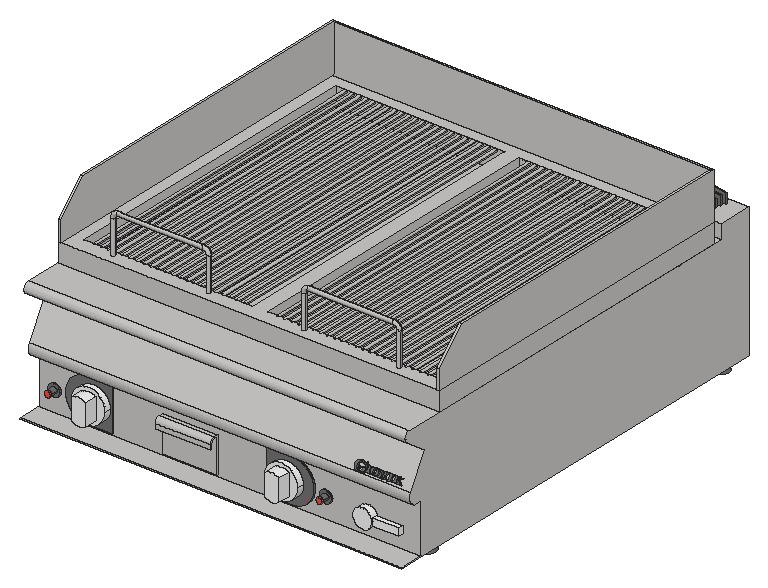
Revit family "QF_GIORIK_GL94TV", category Specialty Equipment, Revit 2014
Parameters (values of type "GL94TV")
  Weight in Pounds = 165.3465
  Waste Water Discharge Temperature [instance] = 0 °C
  URL Cutsheet = "www.giorik.com"
  URL = "www.giorik.com"
  Status [instance] = ""
  Specification by User [instance] = ""
  Specification by Manufacturer = ""
  Show Logo [instance] = yes
  Show Clearance [instance] = yes
  Serial Number = ""
  Seismic Rating = ""
  SMACNA No = ""
  Revision Code [instance] = ""
  Plumbing Remarks [instance] = ""
  Plumbing Connection Type [instance] = ""
  NAFEM Spec ID Number = ""
  Model = "GL94TV"
  Masterspec = ""
  Manufacturer = "GIORIK"
  Item Number [instance] = ""
  Installed By [instance] = ""
  Indirect Waste Size = 2 1/2"
  Indirect Waste Flow = 0.0 L/s
  Indirect Waste Connection Type [instance] = ""
  Indirect Waste Connection Height [instance] = 20 mm
  Identify Quantity as Lot [instance] = no
  Gas Size = 1"
  Gas RI Height [instance] = 0 mm
  Gas KW = 22
  Gas Input = 22000 W
  Gas Connection Height [instance] = 20 mm
  Furnished By [instance] = ""
  Foodservice Equipment Identifier [instance] = yes
  Description = "GAS STEAMGRILL"
  Cold Water Temperature Recommended = 0 °C
  Cold Water Size = 1"
  Cold Water RI Height [instance] = 20 mm
  Cold Water Minimum Pressure = 20000.0 Pa
  Cold Water Maximum Pressure = 50000.0 Pa
  Cold Water Flow [instance] = 0.0 L/s
  Cold Water Consumption [instance] = ""
  Cold Water Connection Height [instance] = 20 mm
  CSI MasterFormat = ""
  Assembly Code = "E1090320"
Reference planes
  plane 1 "Back": y = 0
  plane 2: z = 0
  plane 3 "Left": x = 0
  plane 4 "Right": x = 800
  plane 5 "Front": y = -920
  plane 6 "Top": z = 300
Forms (mm)
  Extrusion 1, solid, visible <- "Show Logo"
    sketch origin (586.604, -908.674, 117.684) x (-1, 0, 0) y (0, 0.515038, 0.857167)
      loop
        line (-118.824, 58.358) -> (-127.804, 58.358) -> (-125.523, 56.445) -> (-125.523, 48.027) -> (-127.804, 46.113) -> (-118.824, 46.113) -> (-121.105, 48.027) -> (-121.105, 56.445) -> (-118.824, 58.358)
      loop
        line (-163.721, 58.358) -> (-172.7, 58.358) -> (-170.42, 56.445) -> (-170.42, 48.027) -> (-172.7, 46.113) -> (-163.721, 46.113) -> (-166.001, 48.027) -> (-166.001, 56.445) -> (-163.721, 58.358)
      loop
        line (-174.332, 58.358) -> (-183.312, 58.358) -> (-181.031, 56.445) -> (-181.031, 52.435) -> (-186.419, 56.955) -> (-184.416, 58.358) -> (-191.268, 58.358) -> (-188.01, 56.839) -> (-185.455, 54.283) -> (-190.846, 47.858) -> (-193.396, 46.93) -> (-193.396, 46.113) -> (-184.416, 46.113) -> (-185.437, 47.571) -> (-182.443, 51.552) -> (-181.031, 50.894) -> (-181.031, 48.027) -> (-183.312, 46.113) -> (-174.332, 46.113) -> (-176.613, 48.027) -> (-176.613, 56.445) -> (-174.332, 58.358)
      loop
        line (-115.429, 62.063) -> (-115.429, 54.198)
        arc (-115.429, 54.198) -> (-111.618, 57.803) -> (-106.847, 59.986) r 16.039
        arc (-106.847, 59.986) -> (-103.314, 59.837) -> (-100.512, 57.68) r 5.851
        arc (-100.512, 57.68) -> (-98.815, 52.267) -> (-100.512, 46.853) r 9.479
        arc (-100.512, 46.853) -> (-102.406, 44.986) -> (-104.846, 43.93) r 7.236
        arc (-104.846, 43.93) -> (-107.728, 44.111) -> (-110.052, 45.825) r 5.11
        line (-110.052, 45.825) -> (-110.052, 52.001) -> (-116.141, 52.001) -> (-116.141, 45.503) -> (-117.893, 43.751) -> (-114.094, 44.769)
        arc (-114.094, 44.769) -> (-112.56, 44.947) -> (-111.129, 44.366) r 3.115
        arc (-111.129, 44.366) -> (-104.216, 42.091) -> (-97.303, 44.366) r 11.641
        arc (-97.303, 44.366) -> (-93.396, 52.107) -> (-97.303, 59.849) r 9.622
        arc (-97.303, 59.849) -> (-104.369, 62.174) -> (-111.435, 59.849) r 11.898
        line (-111.435, 59.849) -> (-115.429, 62.063)
      loop
        arc (-129.234, 56.068) -> (-135.893, 58.628) -> (-142.552, 56.068) r 9.941
        arc (-142.552, 56.068) -> (-144.234, 52.286) -> (-142.552, 48.505) r 5.093
        arc (-142.552, 48.505) -> (-135.893, 45.945) -> (-129.234, 48.505) r 9.941
        arc (-129.234, 48.505) -> (-127.552, 52.286) -> (-129.234, 56.068) r 5.093
      loop
        arc (-132.628, 54.403) -> (-135.893, 57.668) -> (-139.158, 54.403) r 3.265
        line (-139.158, 54.403) -> (-139.158, 50.169)
        arc (-139.158, 50.169) -> (-135.893, 46.904) -> (-132.628, 50.169) r 3.265
        line (-132.628, 50.169) -> (-132.628, 54.403)
      loop
        arc (-156.363, 58.365) -> (-159.647, 55.081) -> (-156.363, 51.796) r 3.285
        line (-156.363, 51.796) -> (-159.529, 47.306) -> (-162.087, 46.113) -> (-155.847, 46.113) -> (-153.529, 51.083) -> (-150.637, 51.083) -> (-150.637, 47.784) -> (-153.022, 46.113) -> (-144.011, 46.113) -> (-146.094, 47.68) -> (-146.094, 56.493) -> (-144.229, 58.365) -> (-156.363, 58.365)
      loop
        line (-150.637, 57.512) -> (-153.637, 57.512)
        arc (-153.637, 57.512) -> (-156.237, 54.912) -> (-153.637, 52.312) r 2.6
        line (-153.637, 52.312) -> (-150.637, 52.312) -> (-150.637, 57.512)
      loop
        line (-108.924, 52.001) -> (-104.936, 49.005) -> (-100.948, 52.001) -> (-108.924, 52.001)
    from 1.5 to -0.5
  Extrusion 2, solid
    sketch origin (-4, 0, 5) x (1, 0, 0) y (0, 1, 0)
      loop
        circle (54, -385) r 12.5
    from 0 to 15
  Extrusion 3, solid
    sketch origin (0, 800, -620) x (0, 1, 0) y (0, 0, 1)
      loop
        line (-800, 919.988) -> (-870, 919.988) -> (-870, 889.988) -> (-1688.806, 889.988)
        arc (-1688.806, 889.988) -> (-1699.151, 883.075) -> (-1696.724, 870.873) r 11.197
        line (-1696.724, 870.873) -> (-1647.575, 836.458) -> (-1686.203, 772.171)
        arc (-1686.203, 772.171) -> (-1687.435, 755.768) -> (-1675, 745) r 18.302
        line (-1675, 745) -> (-1660, 745) -> (-1660, 640) -> (-800, 640) -> (-800, 919.988)
    from 0 to 800
  Extrusion 4, solid
    sketch origin (-308.221, -812, -651.25) x (1, 0, 0) y (0, 0, 1)
      loop
        line (463.221, 676.25) -> (463.221, 766.25) -> (409.698, 766.25)
        arc (409.698, 766.25) -> (364.698, 721.25) -> (409.698, 676.25) r 45
        line (409.698, 676.25) -> (463.221, 676.25)
    from 48 to 50
  Extrusion 5, solid
    sketch origin (466.331, -860.641, -651.634) x (-1, 0, 0) y (0, -0.000888, -1)
      loop
        circle (351.331, -721.346) r 35
    from 0 to 15
  Extrusion 6, solid
    sketch origin (466.331, -860.641, -651.634) x (-1, 0, 0) y (0, -0.000888, -1)
      loop
        arc (336.331, -743.846) -> (351.331, -748.846) -> (366.331, -743.846) r 25
        line (366.331, -743.846) -> (366.331, -698.846)
        arc (366.331, -698.846) -> (351.331, -693.846) -> (336.331, -698.846) r 25
        line (336.331, -698.846) -> (336.331, -743.846)
    from 15 to 40
  Extrusion 7, solid
    sketch origin (-94, 0, -610.001) x (1, 0, 0) y (0, 0, 1)
      loop
        line (135, 909.989) -> (453, 909.989) -> (453, 925.527) -> (347.056, 931.749) -> (240.944, 931.749) -> (135, 925.527) -> (135, 909.989)
    from 32 to 35
  Extrusion 8, solid
    sketch origin (-92, 10, -610.001) x (1, 0, 0) y (0, 0, 1)
      loop
        line (454, 909.989) -> (454, 928.527) -> (346.162, 939.193) -> (237.838, 939.193) -> (130, 928.527) -> (130, 909.989) -> (454, 909.989)
    from 32 to 35
  Extrusion 9, solid
    sketch origin (-90, 20, -610.001) x (1, 0, 0) y (0, 0, 1)
      loop
        line (455, 909.989) -> (455, 930.527) -> (345.396, 947.413) -> (234.604, 947.413) -> (125, 930.527) -> (125, 909.989) -> (455, 909.989)
    from 32 to 35
  Extrusion 10, solid
    sketch origin (0, -200, -600) x (0, 1, 0) y (0, 0, 1)
      loop
        line (110, 909.988) -> (110, 1009.988) -> (-551.877, 1009.988) -> (-610, 951.864) -> (-610, 909.988) -> (110, 909.988)
    from 0 to 5
  Extrusion 11, solid
    sketch origin (0, -90, -600) x (1, 0, 0) y (0, 0, 1)
      loop
        line (5, 1009.988) -> (5, 909.988) -> (795, 909.988) -> (795, 1009.988) -> (5, 1009.988)
    from 0 to 5
  Sweep 12, solid
    path origin (32.128, -787.463, 1256.207) x (0, 0, 1) y (-1, 0, 0)
      loop
        line (-946.207, -65.372) -> (-876.207, -65.372)
        arc (-876.207, -65.372) -> (-869.136, -68.301) -> (-866.207, -75.372) r 10
        line (-866.207, -75.372) -> (-866.207, -255.372)
        arc (-866.207, -255.372) -> (-869.136, -262.443) -> (-876.207, -265.372) r 10
        line (-876.207, -265.372) -> (-946.207, -265.372)
    profile origin (97.5, -787.463, 345) x (-1, 0, 0) y (0, -1, 0)
      loop
        circle (0, 0) r 4
  Extrusion 13, solid
    sketch origin (1041.331, -860, -661.247) x (-1, 0, 0) y (0, 0, -1)
      loop
        circle (351.331, -721.221) r 20
    from 0 to 15
  Extrusion 14, solid
    sketch origin (410, -864, -662.044) x (1, 0, 0) y (0, 0, 1)
      loop
        line (275.18, 729.518) -> (275.18, 714.518) -> (355.18, 714.518) -> (355.18, 729.518) -> (275.18, 729.518)
    from 0 to 10
  Extrusion 15, solid
    sketch origin (122.347, -900, -540.1) x (0, 1, 0) y (0, 0, 1)
      loop
        line (40, 640.1) -> (30, 640.1)
        arc (30, 640.1) -> (22.929, 637.171) -> (20, 630.1) r 10
        line (20, 630.1) -> (20, 620.1) -> (22, 620.1) -> (22, 630.1)
        arc (22, 630.1) -> (24.343, 635.757) -> (30, 638.1) r 8
        line (30, 638.1) -> (38, 638.1) -> (38, 565.1) -> (40, 565.1) -> (40, 640.1)
    from 137.5 to 252.5
  Extrusion 16, solid
    sketch origin (22, 0, -25) x (0, 1, 0) y (-1, 0, 0)
      loop
        circle (-185, -308) r 12.7
    from 30 to 45
  Extrusion 17, solid
    sketch origin (432, -293, -25) x (0, 1, 0) y (-1, 0, 0)
      loop
        circle (-185, -308) r 6.35
    from 30 to 45
  Extrusion 18, solid
    sketch origin (0, -200, 300) x (0, 1, 0) y (-1, 0, 0)
      loop
        line (110, 0) -> (-610, 0) -> (-610, -800) -> (110, -800) -> (110, 0)
      loop
        line (80, -30) -> (-580, -30) -> (-580, -385) -> (80, -385) -> (80, -30)
      loop
        line (80, -415) -> (-580, -415) -> (-580, -770) -> (80, -770) -> (80, -415)
    from -30.012 to 9.988
  Extrusion 19, solid
    sketch origin (0, -200, -600) x (1, 0, 0) y (0, 0, 1)
      loop
        circle (50, 906.988) r 3
    from -80 to 580
  Extrusion 20, solid
    sketch origin (15, -200, -600) x (1, 0, 0) y (0, 0, 1)
      loop
        circle (50, 906.988) r 3
    from -80 to 580
  Extrusion 21, solid
    sketch origin (30, -200, -600) x (1, 0, 0) y (0, 0, 1)
      loop
        circle (50, 906.988) r 3
    from -80 to 580
  Extrusion 22, solid
    sketch origin (45, -200, -600) x (1, 0, 0) y (0, 0, 1)
      loop
        circle (50, 906.988) r 3
    from -80 to 580
  Extrusion 23, solid
    sketch origin (60, -200, -600) x (1, 0, 0) y (0, 0, 1)
      loop
        circle (50, 906.988) r 3
    from -80 to 580
  Extrusion 24, solid
    sketch origin (75, -200, -600) x (1, 0, 0) y (0, 0, 1)
      loop
        circle (50, 906.988) r 3
    from -80 to 580
  Extrusion 25, solid
    sketch origin (90, -200, -600) x (1, 0, 0) y (0, 0, 1)
      loop
        circle (50, 906.988) r 3
    from -80 to 580
  Extrusion 26, solid
    sketch origin (105, -200, -600) x (1, 0, 0) y (0, 0, 1)
      loop
        circle (50, 906.988) r 3
    from -80 to 580
  Extrusion 27, solid
    sketch origin (120, -200, -600) x (1, 0, 0) y (0, 0, 1)
      loop
        circle (50, 906.988) r 3
    from -80 to 580
  Extrusion 28, solid
    sketch origin (135, -200, -600) x (1, 0, 0) y (0, 0, 1)
      loop
        circle (50, 906.988) r 3
    from -80 to 580
  Extrusion 29, solid
    sketch origin (150, -200, -600) x (1, 0, 0) y (0, 0, 1)
      loop
        circle (50, 906.988) r 3
    from -80 to 580
  Extrusion 30, solid
    sketch origin (165, -200, -600) x (1, 0, 0) y (0, 0, 1)
      loop
        circle (50, 906.988) r 3
    from -80 to 580
  Extrusion 31, solid
    sketch origin (180, -200, -600) x (1, 0, 0) y (0, 0, 1)
      loop
        circle (50, 906.988) r 3
    from -80 to 580
  Extrusion 32, solid
    sketch origin (195, -200, -600) x (1, 0, 0) y (0, 0, 1)
      loop
        circle (50, 906.988) r 3
    from -80 to 580
  Extrusion 33, solid
    sketch origin (210, -200, -600) x (1, 0, 0) y (0, 0, 1)
      loop
        circle (50, 906.988) r 3
    from -80 to 580
  Extrusion 34, solid
    sketch origin (225, -200, -600) x (1, 0, 0) y (0, 0, 1)
      loop
        circle (50, 906.988) r 3
    from -80 to 580
  Extrusion 35, solid
    sketch origin (240, -200, -600) x (1, 0, 0) y (0, 0, 1)
      loop
        circle (50, 906.988) r 3
    from -80 to 580
  Extrusion 36, solid
    sketch origin (255, -200, -600) x (1, 0, 0) y (0, 0, 1)
      loop
        circle (50, 906.988) r 3
    from -80 to 580
  Extrusion 37, solid
    sketch origin (270, -200, -600) x (1, 0, 0) y (0, 0, 1)
      loop
        circle (50, 906.988) r 3
    from -80 to 580
  Extrusion 38, solid
    sketch origin (285, -200, -600) x (1, 0, 0) y (0, 0, 1)
      loop
        circle (50, 906.988) r 3
    from -80 to 580
  Extrusion 39, solid
    sketch origin (300, -200, -600) x (1, 0, 0) y (0, 0, 1)
      loop
        circle (50, 906.988) r 3
    from -80 to 580
  Extrusion 40, solid
    sketch origin (0, -860, -600) x (1, 0, 0) y (0, 0, 1)
      loop
        line (0, 620) -> (800, 620) -> (800, 622) -> (0, 622) -> (0, 620)
    from 0 to 50
  Extrusion 41, solid
    sketch origin (-6.142, -835.246, -647.152) x (1, 0, 0) y (0, 0.000339, 1)
      loop
        circle (38.702, 711.666) r 12.5
    from 25 to 27
  Extrusion 42, solid
    sketch origin (-732.35, -862.248, -653.566) x (1, 0, 0) y (0, 0.000339, 1)
      loop
        circle (764.91, 718.089) r 6
    from 0 to 15
  Extrusion 43, solid
    sketch origin (-732.35, -863.41, -653.565) x (1, 0, 0) y (0, 0.000339, 1)
      loop
        circle (764.91, 718.089) r 6
    from 13.838 to 15.838
  Extrusion 44, solid
    sketch origin (795, -200, -600) x (0, 1, 0) y (0, 0, 1)
      loop
        line (110, 909.988) -> (110, 1009.988) -> (-551.877, 1009.988) -> (-610, 951.864) -> (-610, 909.988) -> (110, 909.988)
    from 0 to 5
  Extrusion 45, solid
    sketch origin (306, 0, -610.001) x (1, 0, 0) y (0, 0, 1)
      loop
        line (135, 909.989) -> (453, 909.989) -> (453, 925.527) -> (347.056, 931.749) -> (240.944, 931.749) -> (135, 925.527) -> (135, 909.989)
    from 32 to 35
  Extrusion 46, solid
    sketch origin (308, 10, -610.001) x (1, 0, 0) y (0, 0, 1)
      loop
        line (454, 909.989) -> (454, 928.527) -> (346.162, 939.193) -> (237.838, 939.193) -> (130, 928.527) -> (130, 909.989) -> (454, 909.989)
    from 32 to 35
  Extrusion 47, solid
    sketch origin (310, 20, -610.001) x (1, 0, 0) y (0, 0, 1)
      loop
        line (455, 909.989) -> (455, 930.527) -> (345.396, 947.413) -> (234.604, 947.413) -> (125, 930.527) -> (125, 909.989) -> (455, 909.989)
    from 32 to 35
  Sweep 48, solid
    path origin (432.128, -787.463, 1256.207) x (0, 0, 1) y (-1, 0, 0)
      loop
        line (-946.207, -65.372) -> (-876.207, -65.372)
        arc (-876.207, -65.372) -> (-869.136, -68.301) -> (-866.207, -75.372) r 10
        line (-866.207, -75.372) -> (-866.207, -255.372)
        arc (-866.207, -255.372) -> (-869.136, -262.443) -> (-876.207, -265.372) r 10
        line (-876.207, -265.372) -> (-946.207, -265.372)
    profile origin (497.5, -787.463, 345) x (-1, 0, 0) y (0, -1, 0)
      loop
        circle (0, 0) r 4
  Extrusion 49, solid
    sketch origin (943.221, -812, -651.25) x (-1, 0, 0) y (0, 0, -1)
      loop
        line (463.221, -676.25) -> (409.698, -676.25)
        arc (409.698, -676.25) -> (364.698, -721.25) -> (409.698, -766.25) r 45
        line (409.698, -766.25) -> (463.221, -766.25) -> (463.221, -676.25)
    from 48 to 50
  Extrusion 50, solid
    sketch origin (168.669, -860.641, -651.634) x (1, 0, 0) y (0, 0.000888, 1)
      loop
        circle (351.331, 721.346) r 35
    from 0 to 15
  Extrusion 51, solid
    sketch origin (168.669, -860.641, -651.634) x (1, 0, 0) y (0, 0.000888, 1)
      loop
        line (336.331, 743.846) -> (336.331, 698.846)
        arc (336.331, 698.846) -> (351.331, 693.846) -> (366.331, 698.846) r 25
        line (366.331, 698.846) -> (366.331, 743.846)
        arc (366.331, 743.846) -> (351.331, 748.846) -> (336.331, 743.846) r 25
    from 15 to 40
  Extrusion 52, solid
    sketch origin (641.142, -835.246, -647.152) x (-1, 0, 0) y (0, -0.000339, -1)
      loop
        circle (38.702, -711.666) r 12.5
    from 25 to 27
  Extrusion 53, solid
    sketch origin (1367.35, -862.248, -653.566) x (-1, 0, 0) y (0, -0.000339, -1)
      loop
        circle (764.91, -718.089) r 6
    from 0 to 15
  Extrusion 54, solid
    sketch origin (1367.35, -863.41, -653.565) x (-1, 0, 0) y (0, -0.000339, -1)
      loop
        circle (764.91, -718.089) r 6
    from 13.838 to 15.838
  Extrusion 55, solid
    sketch origin (315, -200, -600) x (1, 0, 0) y (0, 0, 1)
      loop
        circle (50, 906.988) r 3
    from -80 to 580
  Extrusion 56, solid
    sketch origin (385, -200, -600) x (1, 0, 0) y (0, 0, 1)
      loop
        circle (50, 906.988) r 3
    from -80 to 580
  Extrusion 57, solid
    sketch origin (400, -200, -600) x (1, 0, 0) y (0, 0, 1)
      loop
        circle (50, 906.988) r 3
    from -80 to 580
  Extrusion 58, solid
    sketch origin (415, -200, -600) x (1, 0, 0) y (0, 0, 1)
      loop
        circle (50, 906.988) r 3
    from -80 to 580
  Extrusion 59, solid
    sketch origin (430, -200, -600) x (1, 0, 0) y (0, 0, 1)
      loop
        circle (50, 906.988) r 3
    from -80 to 580
  Extrusion 60, solid
    sketch origin (445, -200, -600) x (1, 0, 0) y (0, 0, 1)
      loop
        circle (50, 906.988) r 3
    from -80 to 580
  Extrusion 61, solid
    sketch origin (460, -200, -600) x (1, 0, 0) y (0, 0, 1)
      loop
        circle (50, 906.988) r 3
    from -80 to 580
  Extrusion 62, solid
    sketch origin (475, -200, -600) x (1, 0, 0) y (0, 0, 1)
      loop
        circle (50, 906.988) r 3
    from -80 to 580
  Extrusion 63, solid
    sketch origin (490, -200, -600) x (1, 0, 0) y (0, 0, 1)
      loop
        circle (50, 906.988) r 3
    from -80 to 580
  Extrusion 64, solid
    sketch origin (505, -200, -600) x (1, 0, 0) y (0, 0, 1)
      loop
        circle (50, 906.988) r 3
    from -80 to 580
  Extrusion 65, solid
    sketch origin (520, -200, -600) x (1, 0, 0) y (0, 0, 1)
      loop
        circle (50, 906.988) r 3
    from -80 to 580
  Extrusion 66, solid
    sketch origin (535, -200, -600) x (1, 0, 0) y (0, 0, 1)
      loop
        circle (50, 906.988) r 3
    from -80 to 580
  Extrusion 67, solid
    sketch origin (550, -200, -600) x (1, 0, 0) y (0, 0, 1)
      loop
        circle (50, 906.988) r 3
    from -80 to 580
  Extrusion 68, solid
    sketch origin (565, -200, -600) x (1, 0, 0) y (0, 0, 1)
      loop
        circle (50, 906.988) r 3
    from -80 to 580
  Extrusion 69, solid
    sketch origin (580, -200, -600) x (1, 0, 0) y (0, 0, 1)
      loop
        circle (50, 906.988) r 3
    from -80 to 580
  Extrusion 70, solid
    sketch origin (595, -200, -600) x (1, 0, 0) y (0, 0, 1)
      loop
        circle (50, 906.988) r 3
    from -80 to 580
  Extrusion 71, solid
    sketch origin (610, -200, -600) x (1, 0, 0) y (0, 0, 1)
      loop
        circle (50, 906.988) r 3
    from -80 to 580
  Extrusion 72, solid
    sketch origin (625, -200, -600) x (1, 0, 0) y (0, 0, 1)
      loop
        circle (50, 906.988) r 3
    from -80 to 580
  Extrusion 73, solid
    sketch origin (640, -200, -600) x (1, 0, 0) y (0, 0, 1)
      loop
        circle (50, 906.988) r 3
    from -80 to 580
  Extrusion 74, solid
    sketch origin (655, -200, -600) x (1, 0, 0) y (0, 0, 1)
      loop
        circle (50, 906.988) r 3
    from -80 to 580
  Extrusion 75, solid
    sketch origin (670, -200, -600) x (1, 0, 0) y (0, 0, 1)
      loop
        circle (50, 906.988) r 3
    from -80 to 580
  Extrusion 76, solid
    sketch origin (685, -200, -600) x (1, 0, 0) y (0, 0, 1)
      loop
        circle (50, 906.988) r 3
    from -80 to 580
  Extrusion 77, solid
    sketch origin (700, -200, -600) x (1, 0, 0) y (0, 0, 1)
      loop
        circle (50, 906.988) r 3
    from -80 to 580
  Extrusion 78, solid
    sketch origin (306, 0, -610.001) x (1, 0, 0) y (0, 0, 1)
      loop
        line (135, 909.989) -> (453, 909.989) -> (453, 925.527) -> (347.056, 931.749) -> (240.944, 931.749) -> (135, 925.527) -> (135, 909.989)
    from 32 to 35
  Extrusion 79, solid
    sketch origin (308, 10, -610.001) x (1, 0, 0) y (0, 0, 1)
      loop
        line (454, 909.989) -> (454, 928.527) -> (346.162, 939.193) -> (237.838, 939.193) -> (130, 928.527) -> (130, 909.989) -> (454, 909.989)
    from 32 to 35
  Extrusion 80, solid
    sketch origin (310, 20, -610.001) x (1, 0, 0) y (0, 0, 1)
      loop
        line (455, 909.989) -> (455, 930.527) -> (345.396, 947.413) -> (234.604, 947.413) -> (125, 930.527) -> (125, 909.989) -> (455, 909.989)
    from 32 to 35
  Extrusion 81, solid
    sketch origin (543.603, 45.061, -30) x (0, 1, 0) y (-1, 0, 0)
      loop
        circle (-79.293, 516.603) r 5
    from 41.965 to 50
  Revolve 82, solid
    sketch origin (27, 49.71, -600) x (0, 1, 0) y (0, 0, 1)
      loop
        line (-83.943, 611.965) -> (-94.752, 611.965) -> (-97.943, 600) -> (-83.943, 600) -> (-83.943, 611.965)
      axis (-83.943, 611.965) -> (-83.943, 600)
    angle from 0 to 360
  Extrusion 83, solid
    sketch origin (256.397, 45.061, -30) x (0, 1, 0) y (-1, 0, 0)
      loop
        circle (-79.293, -516.603) r 5
    from 41.965 to 50
  Revolve 84, solid
    sketch origin (773, 49.71, -600) x (0, 1, 0) y (0, 0, -1)
      loop
        line (-83.943, -611.965) -> (-83.943, -600) -> (-97.943, -600) -> (-94.752, -611.965) -> (-83.943, -611.965)
      axis (-83.943, -611.965) -> (-83.943, -600)
    angle from 0 to 360
  Extrusion 85, solid
    sketch origin (543.603, -724.707, -30) x (0, 1, 0) y (-1, 0, 0)
      loop
        circle (-79.293, 516.603) r 5
    from 41.965 to 50
  Revolve 86, solid
    sketch origin (27, -720.057, -600) x (0, 1, 0) y (0, 0, 1)
      loop
        line (-83.943, 611.965) -> (-94.752, 611.965) -> (-97.943, 600) -> (-83.943, 600) -> (-83.943, 611.965)
      axis (-83.943, 611.965) -> (-83.943, 600)
    angle from 0 to 360
  Extrusion 87, solid
    sketch origin (256.397, -724.707, -30) x (0, 1, 0) y (-1, 0, 0)
      loop
        circle (-79.293, -516.603) r 5
    from 41.965 to 50
  Revolve 88, solid
    sketch origin (773, -720.057, -600) x (0, 1, 0) y (0, 0, -1)
      loop
        line (-83.943, -611.965) -> (-83.943, -600) -> (-97.943, -600) -> (-94.752, -611.965) -> (-83.943, -611.965)
      axis (-83.943, -611.965) -> (-83.943, -600)
    angle from 0 to 360
Lines and regions (mm)
  symbolic lines, style "200-EquipBorder-2D"
    curve 1: line (0, -920, 0) -> (800, -920, 0)
    curve 2: line (800, -920, 0) -> (800, 0, 0)
    curve 3: line (800, 0, 0) -> (0, 0, 0)
    curve 4: line (0, 0, 0) -> (0, -920, 0)
  symbolic lines, style "200-EquipInternal-2D"
    curve 5: line (0, -70, 300) -> (800, -70, 300)
    curve 6: line (35, -12, 900) -> (365, -12, 900)
    curve 7: line (365, -12, 900) -> (365, -15, 900)
    curve 8: line (365, -15, 900) -> (35, -15, 900)
    curve 9: line (35, -15, 900) -> (35, -12, 900)
    curve 10: line (38, -22, 900) -> (362, -22, 900)
    curve 11: line (362, -22, 900) -> (362, -25, 900)
    curve 12: line (362, -25, 900) -> (38, -25, 900)
    curve 13: line (38, -25, 900) -> (38, -22, 900)
    curve 14: line (41, -32, 900) -> (359, -32, 900)
    curve 15: line (359, -32, 900) -> (359, -35, 900)
    curve 16: line (359, -35, 900) -> (41, -35, 900)
    curve 17: line (41, -35, 900) -> (41, -32, 900)
    curve 18: line (5, -95, 300) -> (795, -95, 300)
    curve 19: line (0, -90, 300) -> (800, -90, 300)
    curve 20: line (800, -90, 300) -> (800, -810, 300)
    curve 21: line (795, -810, 300) -> (795, -95, 300)
    curve 22: line (5, -95, 300) -> (5, -810, 300)
    curve 23: line (0, -810, 300) -> (0, -90, 300)
    curve 24: line (0, -810, 300) -> (800, -810, 300)
    curve 25: line (30, -780, 300) -> (30, -120, 300)
    curve 26: line (385, -120, 300) -> (385, -780, 300)
    curve 27: line (137, -120, 300) -> (137, -780, 300)
    curve 28: line (47, -780, 300) -> (47, -120, 300)
    curve 29: line (53, -780, 300) -> (53, -120, 300)
    curve 30: line (62, -120, 300) -> (62, -780, 300)
    curve 31: line (62, -780, 300) -> (53, -780, 300)
    curve 32: line (47, -780, 300) -> (30, -780, 300)
    curve 33: line (30, -120, 300) -> (47, -120, 300)
    curve 34: line (53, -120, 300) -> (62, -120, 300)
    curve 35: line (68, -120, 300) -> (68, -780, 300)
    curve 36: line (68, -780, 300) -> (77, -780, 300)
    curve 37: line (77, -780, 300) -> (77, -120, 300)
    curve 38: line (77, -120, 300) -> (68, -120, 300)
    curve 39: line (83, -120, 300) -> (92, -120, 300)
    curve 40: line (92, -120, 300) -> (92, -780, 300)
    curve 41: line (92, -780, 300) -> (83, -780, 300)
    curve 42: line (83, -780, 300) -> (83, -120, 300)
    curve 43: line (98, -120, 300) -> (98, -780, 300)
    curve 44: line (98, -780, 300) -> (107, -780, 300)
    curve 45: line (107, -780, 300) -> (107, -120, 300)
    curve 46: line (107, -120, 300) -> (98, -120, 300)
    curve 47: line (113, -120, 300) -> (122, -120, 300)
    curve 48: line (122, -120, 300) -> (122, -780, 300)
    curve 49: line (122, -780, 300) -> (113, -780, 300)
    curve 50: line (113, -780, 300) -> (113, -120, 300)
    curve 51: line (137, -120, 300) -> (128, -120, 300)
    curve 52: line (128, -120, 300) -> (128, -780, 300)
    curve 53: line (128, -780, 300) -> (137, -780, 300)
    curve 54: line (143, -780, 300) -> (143, -120, 300)
    curve 55: line (143, -120, 300) -> (152, -120, 300)
    curve 56: line (152, -120, 300) -> (152, -780, 300)
    curve 57: line (152, -780, 300) -> (143, -780, 300)
    curve 58: line (158, -780, 300) -> (158, -120, 300)
    curve 59: line (158, -120, 300) -> (167, -120, 300)
    curve 60: line (167, -120, 300) -> (167, -780, 300)
    curve 61: line (167, -780, 300) -> (158, -780, 300)
    curve 62: line (173, -780, 300) -> (173, -120, 300)
    curve 63: line (173, -120, 300) -> (182, -120, 300)
    curve 64: line (182, -120, 300) -> (182, -780, 300)
    curve 65: line (182, -780, 300) -> (173, -780, 300)
    curve 66: line (188, -780, 300) -> (188, -120, 300)
    curve 67: line (188, -120, 300) -> (197, -120, 300)
    curve 68: line (197, -120, 300) -> (197, -780, 300)
    curve 69: line (197, -780, 300) -> (188, -780, 300)
    curve 70: line (203, -780, 300) -> (203, -120, 300)
    curve 71: line (203, -120, 300) -> (212, -120, 300)
    curve 72: line (212, -120, 300) -> (212, -780, 300)
    curve 73: line (212, -780, 300) -> (203, -780, 300)
    curve 74: line (218, -780, 300) -> (218, -120, 300)
    curve 75: line (218, -120, 300) -> (227, -120, 300)
    curve 76: line (227, -120, 300) -> (227, -780, 300)
    curve 77: line (227, -780, 300) -> (218, -780, 300)
    curve 78: line (233, -780, 300) -> (233, -120, 300)
    curve 79: line (233, -120, 300) -> (242, -120, 300)
    curve 80: line (242, -120, 300) -> (242, -780, 300)
    curve 81: line (242, -780, 300) -> (233, -780, 300)
    curve 82: line (248, -780, 300) -> (248, -120, 300)
    curve 83: line (248, -120, 300) -> (257, -120, 300)
    curve 84: line (257, -120, 300) -> (257, -780, 300)
    curve 85: line (257, -780, 300) -> (248, -780, 300)
    curve 86: line (263, -780, 300) -> (263, -120, 300)
    curve 87: line (263, -120, 300) -> (272, -120, 300)
    curve 88: line (272, -120, 300) -> (272, -780, 300)
    curve 89: line (272, -780, 300) -> (263, -780, 300)
    curve 90: line (278, -780, 300) -> (278, -120, 300)
    curve 91: line (278, -120, 300) -> (287, -120, 300)
    curve 92: line (287, -120, 300) -> (287, -780, 300)
    curve 93: line (287, -780, 300) -> (278, -780, 300)
    curve 94: line (293, -780, 300) -> (293, -120, 300)
    curve 95: line (293, -120, 300) -> (302, -120, 300)
    curve 96: line (302, -120, 300) -> (302, -780, 300)
    curve 97: line (302, -780, 300) -> (293, -780, 300)
    curve 98: line (308, -780, 300) -> (308, -120, 300)
    curve 99: line (308, -120, 300) -> (317, -120, 300)
    curve 100: line (317, -120, 300) -> (317, -780, 300)
    curve 101: line (317, -780, 300) -> (308, -780, 300)
    curve 102: line (323, -780, 300) -> (323, -120, 300)
    curve 103: line (323, -120, 300) -> (332, -120, 300)
    curve 104: line (332, -120, 300) -> (332, -780, 300)
    curve 105: line (332, -780, 300) -> (323, -780, 300)
    curve 106: line (338, -780, 300) -> (338, -120, 300)
    curve 107: line (338, -120, 300) -> (347, -120, 300)
    curve 108: line (347, -120, 300) -> (347, -780, 300)
    curve 109: line (347, -780, 300) -> (338, -780, 300)
    curve 110: line (353, -780, 300) -> (353, -120, 300)
    curve 111: line (353, -120, 300) -> (362, -120, 300)
    curve 112: line (353, -780, 300) -> (362, -780, 300)
    curve 113: line (97.5, -783.463, 300) -> (297.5, -783.463, 300)
    curve 114: line (297.5, -791.463, 300) -> (97.5, -791.463, 300)
    curve 115: arc (97.5, -783.463, 300) -> (93.5, -787.463, 300) -> (97.5, -791.463, 300) r 4
    curve 116: arc (297.5, -783.463, 300) -> (301.5, -787.463, 300) -> (297.5, -791.463, 300) r 4
    curve 117: line (362, -120, 300) -> (362, -780, 300)
    curve 118: line (368, -780, 300) -> (368, -120, 300)
    curve 119: line (368, -120, 300) -> (385, -120, 300)
    curve 120: line (385, -780, 300) -> (368, -780, 300)
    curve 121: line (522, -120, 300) -> (522, -780, 300)
    curve 122: line (432, -780, 300) -> (432, -120, 300)
    curve 123: line (438, -780, 300) -> (438, -120, 300)
    curve 124: line (447, -120, 300) -> (447, -780, 300)
    curve 125: line (453, -120, 300) -> (453, -780, 300)
    curve 126: line (462, -780, 300) -> (462, -120, 300)
    curve 127: line (477, -120, 300) -> (477, -780, 300)
    curve 128: line (468, -780, 300) -> (468, -120, 300)
    curve 129: line (483, -120, 300) -> (483, -780, 300)
    curve 130: line (492, -780, 300) -> (492, -120, 300)
    curve 131: line (507, -120, 300) -> (507, -780, 300)
    curve 132: line (498, -780, 300) -> (498, -120, 300)
    curve 133: line (513, -120, 300) -> (513, -780, 300)
    curve 134: line (528, -780, 300) -> (528, -120, 300)
    curve 135: line (537, -120, 300) -> (537, -780, 300)
    curve 136: line (543, -780, 300) -> (543, -120, 300)
    curve 137: line (552, -120, 300) -> (552, -780, 300)
    curve 138: line (558, -780, 300) -> (558, -120, 300)
    curve 139: line (567, -120, 300) -> (567, -780, 300)
    curve 140: line (573, -780, 300) -> (573, -120, 300)
    curve 141: line (582, -120, 300) -> (582, -780, 300)
    curve 142: line (588, -780, 300) -> (588, -120, 300)
    curve 143: line (597, -120, 300) -> (597, -780, 300)
    curve 144: line (603, -780, 300) -> (603, -120, 300)
    curve 145: line (612, -120, 300) -> (612, -780, 300)
    curve 146: line (618, -780, 300) -> (618, -120, 300)
    curve 147: line (627, -120, 300) -> (627, -780, 300)
    curve 148: line (633, -780, 300) -> (633, -120, 300)
    curve 149: line (642, -120, 300) -> (642, -780, 300)
    curve 150: line (648, -780, 300) -> (648, -120, 300)
    curve 151: line (657, -120, 300) -> (657, -780, 300)
    curve 152: line (663, -780, 300) -> (663, -120, 300)
    curve 153: line (672, -120, 300) -> (672, -780, 300)
    curve 154: line (678, -780, 300) -> (678, -120, 300)
    curve 155: line (687, -120, 300) -> (687, -780, 300)
    curve 156: line (693, -780, 300) -> (693, -120, 300)
    curve 157: line (702, -120, 300) -> (702, -780, 300)
    curve 158: line (708, -780, 300) -> (708, -120, 300)
    curve 159: line (717, -120, 300) -> (717, -780, 300)
    curve 160: line (723, -780, 300) -> (723, -120, 300)
    curve 161: line (732, -120, 300) -> (732, -780, 300)
    curve 162: line (738, -780, 300) -> (738, -120, 300)
    curve 163: line (747, -120, 300) -> (747, -780, 300)
    curve 164: line (753, -780, 300) -> (753, -120, 300)
    curve 165: line (415, -780, 300) -> (415, -120, 300)
    curve 166: line (770, -120, 300) -> (770, -780, 300)
    curve 167: line (415, -120, 300) -> (432, -120, 300)
    curve 168: line (438, -120, 300) -> (447, -120, 300)
    curve 169: line (453, -120, 300) -> (462, -120, 300)
    curve 170: line (468, -120, 300) -> (477, -120, 300)
    curve 171: line (483, -120, 300) -> (492, -120, 300)
    curve 172: line (498, -120, 300) -> (507, -120, 300)
    curve 173: line (513, -120, 300) -> (522, -120, 300)
    curve 174: line (528, -120, 300) -> (537, -120, 300)
    curve 175: line (558, -120, 300) -> (567, -120, 300)
    curve 176: line (543, -120, 300) -> (552, -120, 300)
    curve 177: line (573, -120, 300) -> (582, -120, 300)
    curve 178: line (588, -120, 300) -> (597, -120, 300)
    curve 179: line (603, -120, 300) -> (612, -120, 300)
    curve 180: line (618, -120, 300) -> (627, -120, 300)
    curve 181: line (633, -120, 300) -> (642, -120, 300)
    curve 182: line (648, -120, 300) -> (657, -120, 300)
    curve 183: line (663, -120, 300) -> (672, -120, 300)
    curve 184: line (678, -120, 300) -> (687, -120, 300)
    curve 185: line (693, -120, 300) -> (702, -120, 300)
    curve 186: line (770, -120, 300) -> (753, -120, 300)
    curve 187: line (747, -120, 300) -> (738, -120, 300)
    curve 188: line (732, -120, 300) -> (723, -120, 300)
    curve 189: line (717, -120, 300) -> (708, -120, 300)
    curve 190: line (770, -780, 300) -> (753, -780, 300)
    curve 191: line (747, -780, 300) -> (738, -780, 300)
    curve 192: line (732, -780, 300) -> (723, -780, 300)
    curve 193: line (717, -780, 300) -> (708, -780, 300)
    curve 194: line (702, -780, 300) -> (693, -780, 300)
    curve 195: line (687, -780, 300) -> (678, -780, 300)
    curve 196: line (672, -780, 300) -> (663, -780, 300)
    curve 197: line (697.5, -791.463, 300) -> (497.5, -791.463, 300)
    curve 198: line (498, -780, 300) -> (507, -780, 300)
    curve 199: line (513, -780, 300) -> (522, -780, 300)
    curve 200: line (528, -780, 300) -> (537, -780, 300)
    curve 201: line (543, -780, 300) -> (552, -780, 300)
    curve 202: line (558, -780, 300) -> (567, -780, 300)
    curve 203: line (573, -780, 300) -> (582, -780, 300)
    curve 204: line (657, -780, 300) -> (648, -780, 300)
    curve 205: line (642, -780, 300) -> (633, -780, 300)
    curve 206: line (627, -780, 300) -> (618, -780, 300)
    curve 207: line (612, -780, 300) -> (603, -780, 300)
    curve 208: line (597, -780, 300) -> (588, -780, 300)
    curve 209: line (492, -780, 300) -> (483, -780, 300)
    curve 210: line (477, -780, 300) -> (468, -780, 300)
    curve 211: line (462, -780, 300) -> (453, -780, 300)
    curve 212: line (447, -780, 300) -> (438, -780, 300)
    curve 213: line (432, -780, 300) -> (415, -780, 300)
    curve 214: line (497.5, -783.463, 300) -> (697.5, -783.463, 300)
    curve 215: arc (497.5, -783.463, 300) -> (493.5, -787.463, 300) -> (497.5, -791.463, 300) r 4
    curve 216: arc (697.5, -783.463, 300) -> (701.5, -787.463, 300) -> (697.5, -791.463, 300) r 4
    curve 217: line (435, -12, 900) -> (765, -12, 900)
    curve 218: line (765, -12, 900) -> (765, -15, 900)
    curve 219: line (765, -15, 900) -> (435, -15, 900)
    curve 220: line (435, -15, 900) -> (435, -12, 900)
    curve 221: line (438, -22, 900) -> (762, -22, 900)
    curve 222: line (762, -22, 900) -> (762, -25, 900)
    curve 223: line (762, -25, 900) -> (438, -25, 900)
    curve 224: line (438, -25, 900) -> (438, -22, 900)
    curve 225: line (441, -32, 900) -> (759, -32, 900)
    curve 226: line (759, -32, 900) -> (759, -35, 900)
    curve 227: line (759, -35, 900) -> (441, -35, 900)
    curve 228: line (441, -35, 900) -> (441, -32, 900)
Dimensions and locks
  plane 3 "Left" to plane 4 "Right" = 800 mm
  plane 5 "Front" to plane 1 "Back" = 920 mm
  plane 4 "Right" to plane 3 "Left" = 800 mm
  plane 1 "Back" to plane 5 "Front" = 920 mm
  plane 6 "Top" to level = 300 mm  (x2)
  aligned and locked: level to plane 2
Connectors
  piping at (50, -385, 5), diameter 25.4, driven by "Gas Size"
    settings: on Extrusion 2, index 1, connector inside diameter 24", connector length 0 mm, flow factor 0, pipe flow 0.0 L/s, pressure drop 0.0 Pa, fitting loss kfactor 0, connector angle 0.00°, fixture units 0, engagement length 0 mm, angle of deflection 0.00°, flow configuration 1, flow direction 1, fitting loss method 0, system type 22, joint type 0, gender type 0, connector reference index -1, connector utility 0, adjustable connector no, is connector primary yes, connector description "Gas inlet"
  piping at (330, -185, 5), diameter 63.5, driven by "Indirect Waste Size", driven by "Indirect Waste Flow"
    settings: on Extrusion 16, index 2, connector inside diameter 24", connector length 0 mm, flow factor 0, pipe flow 0.0 L/s, pressure drop 0.0 Pa, fitting loss kfactor 0, connector angle 0.00°, fixture units 0, engagement length 0 mm, angle of deflection 0.00°, flow configuration 1, flow direction 2, fitting loss method 0, system type 16, joint type 0, gender type 0, connector reference index -1, connector utility 0, adjustable connector no, is connector primary no, connector description "Water drain"
  piping at (740, -478, 5), diameter 25.4, driven by "Cold Water Size", driven by "Cold Water Flow"
    settings: on Extrusion 17, index 3, connector inside diameter 24", connector length 0 mm, flow factor 0, pipe flow 0.0 L/s, pressure drop 0.0 Pa, fitting loss kfactor 0, connector angle 0.00°, fixture units 0, engagement length 0 mm, angle of deflection 0.00°, flow configuration 1, flow direction 1, fitting loss method 0, system type 20, joint type 0, gender type 0, connector reference index -1, connector utility 0, adjustable connector no, is connector primary no, connector description "Water inlet"
